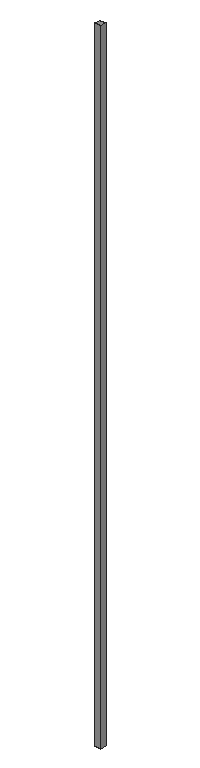
Revit family "Aluminum Batten", category Generic Models, Revit 2025
Family settings
  Can host rebar = No
  Round Connector Dimension = Use Diameter
  Part Type = Normal
  Work Plane-Based = No
  Always vertical = Yes
  Cut with Voids When Loaded = No
  Maintain Annotation Orientation = No
  Shared = No
  Room Calculation Point = No
Parameters
  Size = 2"
  Material = Cherry
  Height [instance] = 213"
  Default Elevation = 0"
Reference planes (in)
  plane 1 "Center (Front/Back)": y = 0
  plane 2: z = 0
  plane 3 "Center (Left/Right)": x = 0
  plane 4 "TOP": z = 213
Forms (in)
  Extrusion 1, solid, material "Cherry" <- "Material"
    sketch origin (0, 0, 0) x (1, 0, 0) y (0, 1, 0)
      loop
        line (-1, 1) -> (-1, -1) -> (1, -1) -> (1, 1) -> (-1, 1)
    from 0 to 213
Dimensions and locks (in)
  equal spacing: Extrusion 1 sketch curve, plane 3 "Center (Left/Right)", Extrusion 1 sketch curve
  equal spacing: Extrusion 1 sketch curve, plane 1 "Center (Front/Back)", Extrusion 1 sketch curve
  "Size": Extrusion 1 sketch curve to Extrusion 1 sketch curve  (x2)
  "Height": plane 4 "TOP" to level
  aligned and locked: level to plane 2
  aligned and locked: plane 4 "TOP" to Extrusion 1
  aligned and locked: Extrusion 1 to plane 2
